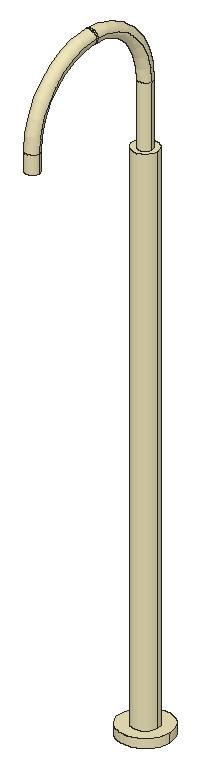
Revit family "ALMA-Mira_Freestanding_Floor_Spout", category Plumbing Fixtures, Revit 2026
Family settings
  Round Connector Dimension = Use Diameter
  Part Type = Normal
  Work Plane-Based = No
  Enable Cutting in Views = Yes
  Always vertical = Yes
  Cut with Voids When Loaded = No
  Maintain Annotation Orientation = No
  Shared = No
  Room Calculation Point = No
Parameters (values of type "BRUSHED BRASS GOLD")
  Material = BM_BRASS GOLD
  Default Elevation = 0 mm
Types (6, lengths in mm): name | Material
  (no name) | BM_BRASS GOLD
  MATTE BLACK | BM_MATTE BLACK
  BRUSHED GUNMETAL | BM_GUNMETAL
  BRUSHED NICKEL | BM_NICKEL
  BRUSHED ANTIQUE BRASS | BM_ANTIQUE BRASS
  BRUSHED BRASS GOLD | BM_BRASS GOLD
Reference planes
  plane 1 "Center (Front/Back)": y = 0
  plane 2: z = 0
  plane 3 "Center (Left/Right)": x = 0
Forms (mm)
  Extrusion 1, solid, material "BM_BRASS GOLD" <- "Material"
    sketch origin (0, 0, 0) x (1, 0, 0) y (0, 1, 0)
      loop
        circle (0, 0) r 40
    from 0 to 14
  Extrusion 2, solid, material "BM_BRASS GOLD" <- "Material"
    sketch origin (0, 0, 14) x (1, 0, 0) y (0, 1, 0)
      loop
        circle (0, 0) r 20
    from 0 to 836
  Sweep 3, solid, material "BM_BRASS GOLD" <- "Material"
    path origin (0, 0, 0) x (0, 1, 0) y (0, 0, 1)
      loop
        line (0, 850) -> (0, 949)
        arc (0, 949) -> (-32.218, 1026.782) -> (-110, 1059) r 110
        line (-110, 1059) -> (-113, 1059)
        arc (-113, 1059) -> (-194.317, 1025.317) -> (-228, 944) r 115
        line (-228, 944) -> (-228, 915.477)
    profile origin (0, 0, 899.5) x (0, -1, 0) y (1, 0, 0)
      loop
        circle (0, 0) r 11
Text (mm)
  text "Refer to www.buildmat.com.au for the most current product literature. \nAllow a +/- 5mm tolerance for dimensions shown in the product literature. \nPlease note product details are subject to change due to ongoing product development." at (40.328, -1060.998, 0), in view "Ref. Level"
Dimensions and locks
  aligned and locked: level to plane 2
